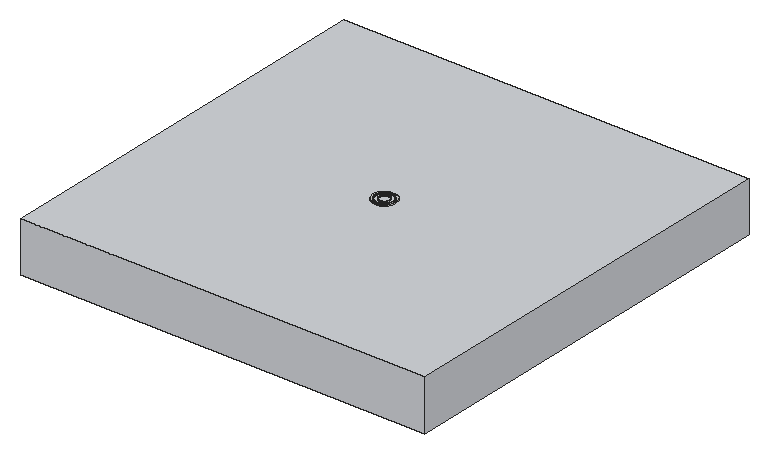
Revit family "LAMP_HANCE DOWNLIGHT RECESSED SPOT 1000_2000 (DALI)", category Modelos genéricos, Revit 2015
Parameters (values of type "710LM 4000K 1000 BLACK")
  Weight = 0.72 kg
  Aro 3000/4000 = no
  Aro 1000/2000 = yes
  Type = "COB PHILIPS"
  Tilting [instance] = if(Tilt < 0.00°, 180.00°, if(Tilt > 30.00°, 210.00°, Tilt + 180.00°))  # 180.00°
  Tilt [instance] = 0.00°
  Recessed diameter = 132 mm
  Protection rating = "IP20"
  Product datasheet = "http://www.lamp.es/product-files/TECH/HD1RE10SP840DBB-EN.pdf"
  Product code = "HD1RE10SP840DBB"
  Product URL = "https://www.lamp.es/en/family/hance-downlight_196363"
  Power Supply = "220-240V 50/60Hz"
  Power = 7 W
  Plum = 7.6 W
  Photometric web file = Cuerpo Hance BASE (tilting)_SP : 710LM 4000K 1000 BLACK
  Modelo = Product code  # "HD1RE10SP840DBB"
  Model explanation = "Availability of tilting between 0º and 30º when placed in a project."
  Material interior aro = LAMP_Aluminio Hance Negro
  Material aro = LAMP_Aluminio Hance Negro
  Manufacturer name = "LAMP"
  Manufacturer country = "Spain"
  Manufacturer URL = "http://www.lamp.es/en"
  MacAdam = "3"
  Luminaire type = "Indoor - Recessed downlight"
  Last update = "22/11/2019"
  Lamp = "COB LED"
  LED Lifetime = "50.000 L80 B10"
  Insulation class = "II"
  Installation instructions = "https://www.lamp.es/product-files/INS/1004410-B-INSTR.%20DE%20MONTAJE%20HANCE%20DOWNLIGHT.pdf"
  Initial intensity = 710 lm
  Initial color = 4000 K
  IEE = "A+"
  Gear = "Adjustable DALI"
  Finish = "Texturised black RAL 9011"
  Fabricante = Manufacturer name  # "LAMP"
  Default Elevation = 1219.2 mm
  Efficacy = 93.42 lm/W
  Radio aro exterior = 35.7 mm
  Diameter = 143 mm
  Descripción = "HANCE DOWN REC 1000 NW SP DALI BK."
  Decorative ring [instance] = Aro decorativo (tilting) : Black
  Comentarios de tipo = Model explanation  # "Availability of tilting between 0º and 30º when placed in a project."
  CRI = "80"
Types (8, lengths in mm): name | Product datasheet | Product code | Power | Plum | Photometric web file | Modelo | Material aro | Initial intensity | Initial color | IEE | Finish | Efficacy | Descripción
  710LM 4000K 1000 BLACK | "http://www.lamp.es/product-files/TECH/HD1RE10SP840DBB-EN.pdf" | "HD1RE10SP840DBB" | 7 W | 7.6 W | Cuerpo Hance BASE (tilting)_SP : 710LM 4000K 1000 BLACK | "HD1RE10SP840DBB" | LAMP_Aluminio Hance Negro | 710 lm | 4000 K | "A+" | "Texturised black RAL 9011" | 93.42 lm/W | "HANCE DOWN REC 1000 NW SP DALI BK."
  710LM 4000K 1000 WHITE | "http://www.lamp.es/product-files/TECH/HD1RE10SP840DBW-EN.pdf" | "HD1RE10SP840DBW" | 7 W | 7.6 W | Cuerpo Hance BASE (tilting)_SP : 710LM 4000K 1000 WHITE | "HD1RE10SP840DBW" | LAMP_Aluminio Hance Blanco | 710 lm | 4000 K | "A+" | "Texturised white RAL 9010" | 93.42 lm/W | "HANCE DOWN REC 1000 NW SP DALI WH."
  773LM 3000K 1000 BLACK | "http://www.lamp.es/product-files/TECH/HD1RE10SP830DBB-EN.pdf" | "HD1RE10SP830DBB" | 7 W | 7.7 W | Cuerpo Hance BASE (tilting)_SP : 773LM 3000K 1000 BLACK | "HD1RE10SP830DBB" | LAMP_Aluminio Hance Negro | 773 lm | 3000 K | "A+" | "Texturised black RAL 9011" | 100.42 lm/W | "HANCE DOWN REC 1000 WW SP DALI BK."
  773LM 3000K 1000 WHITE | "http://www.lamp.es/product-files/TECH/HD1RE10SP830DBW-EN.pdf" | "HD1RE10SP830DBW" | 7 W | 7.7 W | Cuerpo Hance BASE (tilting)_SP : 773LM 3000K 1000 WHITE | "HD1RE10SP830DBW" | LAMP_Aluminio Hance Blanco | 773 lm | 3000 K | "A+" | "Texturised white RAL 9010" | 100.42 lm/W | "HANCE DOWN REC 1000 WW SP DALI WH."
  1644LM 4000K 2000 BLACK | "http://www.lamp.es/product-files/TECH/HD1RE20SP840DBB-EN.pdf" | "HD1RE20SP840DBB" | 18 W | 20.6 W | Cuerpo Hance BASE (tilting)_SP : 1644LM 4000K 2000 BLACK | "HD1RE20SP840DBB" | LAMP_Aluminio Hance Negro | 1644 lm | 4000 K | "A+" | "Texturised black RAL 9011" | 79.81 lm/W | "HANCE DOWN REC 2000 NW SP DALI BK."
  1644LM 4000K 2000 WHITE | "http://www.lamp.es/product-files/TECH/HD1RE20SP840DBW-EN.pdf" | "HD1RE20SP840DBW" | 18 W | 20.6 W | Cuerpo Hance BASE (tilting)_SP : 1644LM 4000K 2000 WHITE | "HD1RE20SP840DBW" | LAMP_Aluminio Hance Blanco | 1644 lm | 4000 K | "A+" | "Texturised white RAL 9010" | 79.81 lm/W | "HANCE DOWN REC 2000 NW SP DALI WH."
  1707LM 3000K 2000 BLACK | "http://www.lamp.es/product-files/TECH/HD1RE20SP830DBB-EN.pdf" | "HD1RE20SP830DBB" | 18 W | 20.7 W | Cuerpo Hance BASE (tilting)_SP : 1707LM 3000K 2000 BLACK | "HD1RE20SP830DBB" | LAMP_Aluminio Hance Negro | 1707 lm | 3000 K | "A" | "Texturised black RAL 9011" | 82.46 lm/W | "HANCE DOWN REC 2000 WW SP DALI BK."
  1707LM 3000K 2000 WHITE | "http://www.lamp.es/product-files/TECH/HD1RE20SP830DBW-EN.pdf" | "HD1RE20SP830DBW" | 18 W | 20.7 W | Cuerpo Hance BASE (tilting)_SP : 1707LM 3000K 2000 WHITE | "HD1RE20SP830DBW" | LAMP_Aluminio Hance Blanco | 1707 lm | 3000 K | "A" | "Texturised white RAL 9010" | 82.46 lm/W | "HANCE DOWN REC 2000 WW SP DALI WH."
Reference planes
  plane 1 "Centro (Frontal/Posterior)": y = 0
  plane 2: z = 0
  plane 3 "Centro (Izquierda/Derecha)": x = 0
Forms (mm)
  Extrusion 1, solid
    sketch origin (0, 0, 0) x (1, 0, 0) y (0, 1, 0)
      loop
        line (-1219.2, 1219.2) -> (-1219.2, -1219.2) -> (1219.2, -1219.2) -> (1219.2, 1219.2) -> (-1219.2, 1219.2)
    from 0 to -304.8
  Revolve 2, solid, material "LAMP_Aluminio Hance Negro" <- "Material aro"
    sketch origin (0, 0, 0) x (1, 0, 0) y (0, 0, 1)
      loop
        line (68.2, 0) -> (68.2, 1) -> (53.3, 1) -> (53.3, -38.896) -> (61.3, -38.896) -> (61.3, -37.896) -> (55.8, -37.896) -> (55.8, 0) -> (68.2, 0)
      axis (0, 1) -> (0, -38.896)
    angle from 0 to 360
  Revolve 3, solid, material "LAMP_Aluminio Hance Negro" <- "Material interior aro", visible <- "Aro 1000/2000"
    sketch origin (0, 0, 0) x (1, 0, 0) y (0, 0, 1)
      loop
        arc (51.874, -0.646) -> (51.598, -1.016) -> (51.498, -1.466) r 1.1
        arc (51.498, -1.466) -> (49.354, -17.889) -> (43.277, -33.297) r 67.535
        arc (43.277, -33.297) -> (42.922, -33.665) -> (42.43, -33.8) r 0.965
        line (42.43, -33.8) -> (0, -33.8) -> (0, -34.8) -> (42.43, -34.8)
        arc (42.43, -34.8) -> (42.922, -34.665) -> (43.277, -34.297) r 0.965
        arc (43.277, -34.297) -> (49.354, -18.889) -> (51.498, -2.466) r 67.535
        arc (51.498, -2.466) -> (51.598, -2.016) -> (51.874, -1.646) r 1.1
        arc (51.874, -1.646) -> (53.912, -0.425) -> (56.25, 0) r 6.641
        line (56.25, 0) -> (56.25, 1)
        arc (56.25, 1) -> (53.912, 0.575) -> (51.874, -0.646) r 6.641
      axis (0, 1) -> (0, -34.8)
    angle from 0 to 360
  Extrusion 4, void
    sketch origin (0, 0, 0) x (1, 0, 0) y (0, 1, 0)
      loop
        line (7.1, 33.5) -> (-7.105, 33.5)
        arc (-7.105, 33.5) -> (-40.605, 0) -> (-7.105, -33.5) r 33.5
        line (-7.105, -33.5) -> (7.1, -33.5)
        arc (7.1, -33.5) -> (40.6, 0) -> (7.1, 33.5) r 33.5
    from -41.216 to -28.478
Cuts and joins
  Extrusion 4 cuts Revolve 3
Text (mm)
  text "Any modification of the parameters and properties of the LAMP BIM models must be executed and validated by the LAMP technical department.\n\nPhone: +34 93 736 68 00\n\nE-mail: lamp@lamp.es\n\n\n\nLAMP reserves the right to modify the technical specifications of its products." at (39771.841, -40794.867, 40621.237), in view "Preview"
Dimensions and locks
  "Radio aro exterior": Revolve 2 sketch curve to nested 1
  aligned and locked: plane 2 to Extrusion 1
  aligned and locked: level to Extrusion 1
Automatic sketch dimensions
  Extrusion 1 sketch curve to Extrusion 1 sketch curve = 2438.4 mm  (x2)
  Revolve 3 sketch curve to plane 3 "Centro (Izquierda/Derecha)" = 0 mm  (x2)
  Revolve 3 sketch curve to level = 0 mm
  Revolve 3 sketch curve to level = 1 mm
  Revolve 3 sketch curve to plane 3 "Centro (Izquierda/Derecha)" = 16.035 mm
  Revolve 3 sketch curve to Revolve 3 sketch curve = 0 mm  (x7)
  plane 3 "Centro (Izquierda/Derecha)" to Revolve 3 sketch curve = 42.43 mm
  Revolve 3 sketch curve to level = 2.474 mm
  Revolve 3 sketch curve to Revolve 3 sketch curve = 10.169 mm
  Revolve 3 sketch curve to Revolve 3 sketch curve = 3.651 mm
  Revolve 3 sketch curve to Revolve 3 sketch curve = 3.167 mm
  Revolve 3 sketch curve to Revolve 3 sketch curve = 1 mm  (x3)
  Revolve 3 sketch curve to Revolve 3 sketch curve = 26.195 mm
  Revolve 3 sketch curve to level = 33.8 mm
  Revolve 3 sketch curve to Revolve 3 sketch curve = 0.035 mm
  Revolve 3 sketch curve to Revolve 3 sketch curve = 0.965 mm
  Revolve 3 sketch curve to Revolve 3 sketch curve = 0.172 mm
  Revolve 3 sketch curve to Revolve 3 sketch curve = 574.8 mm
  Revolve 3 sketch curve to Revolve 3 sketch curve = 2608.058 mm
  plane 1 "Centro (Frontal/Posterior)" to Extrusion 4 sketch curve = 0 mm
  Extrusion 4 sketch curve to plane 3 "Centro (Izquierda/Derecha)" = 7.105 mm
  plane 3 "Centro (Izquierda/Derecha)" to Extrusion 4 sketch curve = 7.1 mm
  Extrusion 4 sketch curve to Extrusion 4 sketch curve = 33.5 mm
  Revolve 2 sketch curve to plane 3 "Centro (Izquierda/Derecha)" = 0 mm
  Revolve 2 sketch curve to level = 0 mm
  level to Revolve 2 sketch curve = 1 mm
  Revolve 2 sketch curve to Revolve 2 sketch curve = 14.9 mm
  Revolve 2 sketch curve to Revolve 2 sketch curve = 2.5 mm
  Revolve 2 sketch curve to Revolve 2 sketch curve = 5.5 mm
  Revolve 2 sketch curve to Revolve 2 sketch curve = 37.896 mm
  Revolve 2 sketch curve to Revolve 2 sketch curve = 1 mm
  Revolve 2 sketch curve to Revolve 2 sketch curve = 539.6 mm
  Revolve 2 sketch curve to Revolve 2 sketch curve = 2608.058 mm
Nested families
  nested 1: "Cuerpo Hance BASE (tilting)_SP" at (32.5, 1.967, 1), type <- "Photometric web file", type "710LM 4000K 1000 BLACK"
    with Tilting 180.00°
  nested 2: "Aro decorativo (tilting)" at (-27.9, 0, -89.982), type <- "Decorative ring", type "Black"
    with Tilting 0.00°
Connectors
  electrical at (-16.363, 0, -98)
    settings: on nested 1, index 1, voltage 230 V, apparent load 0 VA, apparent load phase1 0 VA, apparent load phase2 0 VA, apparent load phase3 0 VA, power factor 1, load classification "Otro", number of poles 1, system type 31, power factor state 1, is connector primary yes, connector utility no, sub classification motor no, connector description ""
Definition of nested family "Cuerpo Hance BASE (tilting)_SP"
  Parameters (values of type "710LM 4000K 1000 BLACK")
    Tilting = 90.00°
    Photometric web file = Cuerpo Hance BASE_SP : 710LM 4000K 1000 BLACK
    Longitud cuerpo = 100 mm
    Default Elevation = 1219.2 mm
  Types (17, lengths in mm): name | Photometric web file | Longitud cuerpo
    (no name) | Cuerpo Hance BASE_SP : 710LM 4000K 1000 BLACK | 100
    710LM 4000K 1000 BLACK | Cuerpo Hance BASE_SP : 710LM 4000K 1000 BLACK | 100
    710LM 4000K 1000 WHITE | Cuerpo Hance BASE_SP : 710LM 4000K 1000 WHITE | 100
    773LM 3000K 1000 BLACK | Cuerpo Hance BASE_SP : 773LM 3000K 1000 BLACK | 100
    773LM 3000K 1000 WHITE | Cuerpo Hance BASE_SP : 773LM 3000K 1000 WHITE | 100
    1644LM 4000K 2000 BLACK | Cuerpo Hance BASE_SP : 1644LM 4000K 2000 BLACK | 100
    1644LM 4000K 2000 WHITE | Cuerpo Hance BASE_SP : 1644LM 4000K 2000 WHITE | 100
    1707LM 3000K 2000 BLACK | Cuerpo Hance BASE_SP : 1707LM 3000K 2000 BLACK | 100
    1707LM 3000K 2000 WHITE | Cuerpo Hance BASE_SP : 1707LM 3000K 2000 WHITE | 100
    2656LM 4000K 3000 BLACK | Cuerpo Hance BASE_SP : 2656LM 4000K 3000 BLACK | 145
    2656LM 4000K 3000 WHITE | Cuerpo Hance BASE_SP : 2656LM 4000K 3000 WHITE | 145
    2788LM 3000K 3000 BLACK | Cuerpo Hance BASE_SP : 2788LM 3000K 3000 BLACK | 145
    2788LM 3000K 3000 WHITE | Cuerpo Hance BASE_SP : 2788LM 3000K 3000 WHITE | 145
    3518LM 4000K 4000 BLACK | Cuerpo Hance BASE_SP : 3518LM 4000K 4000 BLACK | 145
    3518LM 4000K 4000 WHITE | Cuerpo Hance BASE_SP : 3518LM 4000K 4000 WHITE | 145
    3660LM 3000K 4000 BLACK | Cuerpo Hance BASE_SP : 3660LM 3000K 4000 BLACK | 145
    3660LM 3000K 4000 WHITE | Cuerpo Hance BASE_SP : 3660LM 3000K 4000 WHITE | 145
  Reference planes
    plane 1 "Centro (Frontal/Posterior)": y = 0
    plane 2: z = 0
    plane 3 "Centro (Izquierda/Derecha)": x = 0
  Lines and regions (mm)
    reference lines
      curve 1: line (0, 0, 0) -> (200, 0, 0)
  Dimensions and locks
    "Tilting": angle plane 3 "Centro (Izquierda/Derecha)" to curve 1
    aligned and locked: level to plane 2
    aligned and locked: plane 3 "Centro (Izquierda/Derecha)" to curve 1
    aligned and locked: plane 2 to curve 1
    aligned and locked: plane 3 "Centro (Izquierda/Derecha)" to nested 1
  Nested families
    nested 1: "Cuerpo Hance BASE_SP" at (-58, -1.967, 27.875), type <- "Photometric web file", type "710LM 4000K 1000 BLACK"
  Definition of nested family "Cuerpo Hance BASE_SP"
    Parameters (values of type "710LM 4000K 1000 BLACK")
      Tilt Angle = 90.00° + Tilting  # 180.00°
      Wattage = 7.6 W
      Tilting = 90.00°
      built-in parameter 1150107 = 4000 (stored number, unit not read)
      Radio vacio posterior = Radio cuerpo - 2.2 mm  # 30.3 mm
      Radio vaciado = Radio cuerpo - 1.5 mm  # 31 mm
      Radio cuerpo = if(Longitud cuerpo = 145 mm, 45 mm, 32.5 mm)  # 32.5 mm
      built-in parameter 1150110 = 1 (stored number, unit not read)
      built-in parameter 1150109 = 1 (stored number, unit not read)
      built-in parameter 1150112 = 1 (stored number, unit not read)
      built-in parameter 1150113 = 1 (stored number, unit not read)
      built-in parameter 1114218 = 1 (stored number, unit not read)
      built-in parameter 1150137 = (empty or 0)
      built-in parameter 1150132 = 2
      Material reflector = none
      Material cuerpo = none
      Material COB = none
      Longitud cuerpo = 100 mm
      Long. origen luz = if(Longitud cuerpo = 100 mm, 20 mm, if(Longitud cuerpo = 170 mm, 55 mm, 90 mm))  # 20 mm
      L_3 = if(Ancho disipador posterior = 80.4 mm, 39.6 mm, 12 mm)  # 12 mm
      L_2 = if(Ancho disipador posterior = 80.4 mm, 36.3 mm, 22.6 mm)  # 22.6 mm
      L_1 = if(Ancho disipador posterior = 80.4 mm, 36.8 mm, 25.4 mm)  # 25.4 mm
      built-in parameter 1150105 = 56.487 (stored number, unit not read)
      built-in parameter 1150102 = (empty or 0)
      built-in parameter 1150106 = 0.56487 (stored number, unit not read)
      Lumens = 709.84 lm
      Color Filter = 16777215
      built-in parameter 1114217 = 1 (stored number, unit not read)
      built-in parameter 1150139 = (empty or 0)
      Default Elevation = 1219.2 mm
      built-in parameter 1150104 = 8.6771 (stored number, unit not read)
      Diametro aro = if(Radio cuerpo = 45 mm, 42.9 mm, 30.4 mm)  # 30.4 mm
      built-in parameter 1150115 = 1 (stored number, unit not read)
      built-in parameter 1150114 = 1 (stored number, unit not read)
      built-in parameter 1150138 = (empty or 0)
      built-in parameter 1150134 = 12
      Dimming Lamp Color Temperature Shift = (empty or 0)
      Photometric Web File = "HD1RE10SP840NBB.IES"
      Ancho vaciado reflector = if(Radio cuerpo = 45 mm, 34.4 mm, 21.9 mm)  # 21.9 mm
      Ancho reflector = if(Radio cuerpo = 45 mm, 35.4 mm, 22.9 mm)  # 22.9 mm
      Ancho disipador posterior = if(Radio cuerpo = 32.5 mm, 53 mm, 80.4 mm)  # 53 mm
      built-in parameter 1150133 = 10 (stored number, unit not read)
      Altura disipador superior = if(Radio cuerpo = 45 mm, 23.9 mm, 36.9 mm)  # 36.9 mm
      Ancho disipador superior = if(Radio cuerpo = 45 mm, 28 mm, 22.6 mm)  # 22.6 mm
    Types (16, lengths in mm): name | Wattage | built-in parameter 1150107 | Radio vacio posterior | Radio vaciado | Radio cuerpo | Longitud cuerpo | Long. origen luz | L_3 | L_2 | L_1 | built-in parameter 1150105 | built-in parameter 1150106 | Lumens | built-in parameter 1150104 | Diametro aro | built-in parameter 1150134 | Photometric Web File | Ancho vaciado reflector | Ancho reflector | Ancho disipador posterior | Altura disipador superior | Ancho disipador superior
      710LM 4000K 1000 BLACK | 7.6 W | 4000 (stored number, unit not read) | 30.3 | 31 | 32.5 | 100 | 20 | 12 | 22.6 | 25.4 | 56.487 (stored number, unit not read) | 0.56487 (stored number, unit not read) | 709.84 lm | 8.6771 (stored number, unit not read) | 30.4 | 12 | "HD1RE10SP840NBB.IES" | 21.9 | 22.9 | 53 | 36.9 | 22.6
      710LM 4000K 1000 WHITE | 7.6 W | 4000 (stored number, unit not read) | 30.3 | 31 | 32.5 | 100 | 20 | 12 | 22.6 | 25.4 | 4052.9 (stored number, unit not read) | 40.529 (stored number, unit not read) | 709.84 lm | 8.6771 (stored number, unit not read) | 30.4 | 12 | "HD1RE10SP840NBW.IES" | 21.9 | 22.9 | 53 | 36.9 | 22.6
      773LM 3000K 1000 BLACK | 7.7 W | 3000 (stored number, unit not read) | 30.3 | 31 | 32.5 | 100 | 20 | 12 | 22.6 | 25.4 | 4414.8 (stored number, unit not read) | 44.148 (stored number, unit not read) | 773.234 lm | 9.3293 (stored number, unit not read) | 30.4 | (empty or 0) | "HD1RE10SP830NBB.IES" | 21.9 | 22.9 | 53 | 36.9 | 22.6
      773LM 3000K 1000 WHITE | 7.7 W | 3000 (stored number, unit not read) | 30.3 | 31 | 32.5 | 100 | 20 | 12 | 22.6 | 25.4 | 4414.8 (stored number, unit not read) | 44.148 (stored number, unit not read) | 773.234 lm | 9.3293 (stored number, unit not read) | 30.4 | (empty or 0) | "HD1RE10SP830NBW.IES" | 21.9 | 22.9 | 53 | 36.9 | 22.6
      1644LM 4000K 2000 BLACK | 20.6 W | 4000 (stored number, unit not read) | 30.3 | 31 | 32.5 | 100 | 20 | 12 | 22.6 | 25.4 | 9386.9 (stored number, unit not read) | 93.869 (stored number, unit not read) | 1644.09 lm | 7.4146 (stored number, unit not read) | 30.4 | 12 | "HD1RE20SP840NBB.IES" | 21.9 | 22.9 | 53 | 36.9 | 22.6
      1644LM 4000K 2000 WHITE | 20.6 W | 4000 (stored number, unit not read) | 30.3 | 31 | 32.5 | 100 | 20 | 12 | 22.6 | 25.4 | 9386.9 (stored number, unit not read) | 93.869 (stored number, unit not read) | 1644.09 lm | 7.4146 (stored number, unit not read) | 30.4 | 12 | "HD1RE20SP840NBW.IES" | 21.9 | 22.9 | 53 | 36.9 | 22.6
      1707LM 3000K 2000 BLACK | 20.7 W | 3000 (stored number, unit not read) | 30.3 | 31 | 32.5 | 100 | 20 | 12 | 22.6 | 25.4 | 9500.4 (stored number, unit not read) | 95.004 (stored number, unit not read) | 1706.92 lm | 7.6608 (stored number, unit not read) | 30.4 | (empty or 0) | "HD1RE20SP830NBB.IES" | 21.9 | 22.9 | 53 | 36.9 | 22.6
      1707LM 3000K 2000 WHITE | 20.7 W | 3000 (stored number, unit not read) | 30.3 | 31 | 32.5 | 100 | 20 | 12 | 22.6 | 25.4 | 9500.4 (stored number, unit not read) | 95.004 (stored number, unit not read) | 1706.92 lm | 7.6608 (stored number, unit not read) | 30.4 | (empty or 0) | "HD1RE20SP830NBW.IES" | 21.9 | 22.9 | 53 | 36.9 | 22.6
      2656LM 4000K 3000 BLACK | 27.8 W | 4000 (stored number, unit not read) | 42.8 | 43.5 | 45 | 145 | 90 | 39.6 | 36.3 | 36.8 | 21509.2 (stored number, unit not read) | 215.09 (stored number, unit not read) | 2656.01 lm | 8.876 (stored number, unit not read) | 42.9 | 12 | "HD1RE30SP840NBB.IES" | 34.4 | 35.4 | 80.4 | 23.9 | 28
      2656LM 4000K 3000 WHITE | 27.8 W | 4000 (stored number, unit not read) | 42.8 | 43.5 | 45 | 145 | 90 | 39.6 | 36.3 | 36.8 | 21509.2 (stored number, unit not read) | 215.09 (stored number, unit not read) | 2656.01 lm | 8.876 (stored number, unit not read) | 42.9 | 12 | "HD1RE30SP840NBW.IES" | 34.4 | 35.4 | 80.4 | 23.9 | 28
      2788LM 3000K 3000 BLACK | 28.2 W | 3000 (stored number, unit not read) | 42.8 | 43.5 | 45 | 145 | 90 | 39.6 | 36.3 | 36.8 | 22576.9 (stored number, unit not read) | 225.77 (stored number, unit not read) | 2787.85 lm | 9.1844 (stored number, unit not read) | 42.9 | (empty or 0) | "HD1RE30SP830NBB.IES" | 34.4 | 35.4 | 80.4 | 23.9 | 28
      2788LM 3000K 3000 WHITE | 28.2 W | 3000 (stored number, unit not read) | 42.8 | 43.5 | 45 | 145 | 90 | 39.6 | 36.3 | 36.8 | 22576.9 (stored number, unit not read) | 225.77 (stored number, unit not read) | 2787.85 lm | 9.1844 (stored number, unit not read) | 42.9 | (empty or 0) | "HD1RE30SP830NBW.IES" | 34.4 | 35.4 | 80.4 | 23.9 | 28
      3518LM 4000K 4000 BLACK | 37.6 W | 4000 (stored number, unit not read) | 42.8 | 43.5 | 45 | 145 | 90 | 39.6 | 36.3 | 36.8 | 28485.6 (stored number, unit not read) | 284.86 (stored number, unit not read) | 3517.48 lm | 8.6911 (stored number, unit not read) | 42.9 | 12 | "HD1RE40SP830NBB.IES" | 34.4 | 35.4 | 80.4 | 23.9 | 28
      3518LM 4000K 4000 WHITE | 37.6 W | 4000 (stored number, unit not read) | 42.8 | 43.5 | 45 | 145 | 90 | 39.6 | 36.3 | 36.8 | 28485.6 (stored number, unit not read) | 284.86 (stored number, unit not read) | 3517.48 lm | 8.6911 (stored number, unit not read) | 42.9 | 12 | "HD1RE40SP830NBW.IES" | 34.4 | 35.4 | 80.4 | 23.9 | 28
      3660LM 3000K 4000 BLACK | 37.6 W | 3000 (stored number, unit not read) | 42.8 | 43.5 | 45 | 145 | 90 | 39.6 | 36.3 | 36.8 | 24069.5 (stored number, unit not read) | 240.7 (stored number, unit not read) | 3659.98 lm | 9.0432 (stored number, unit not read) | 42.9 | (empty or 0) | "HD1RE40SP840NBB.IES" | 34.4 | 35.4 | 80.4 | 23.9 | 28
      3660LM 3000K 4000 WHITE | 37.6 W | 3000 (stored number, unit not read) | 42.8 | 43.5 | 45 | 145 | 90 | 39.6 | 36.3 | 36.8 | 24069.5 (stored number, unit not read) | 240.7 (stored number, unit not read) | 3659.98 lm | 9.0432 (stored number, unit not read) | 42.9 | (empty or 0) | "HD1RE40SP840NBW.IES" | 34.4 | 35.4 | 80.4 | 23.9 | 28
    Reference planes
      plane 1 "Centro (Frontal/Posterior)": y = 0
      plane 2: z = 0
      plane 3 "Centro (Izquierda/Derecha)": x = 0
    Forms (mm)
      Extrusion 1, solid, material <- "Material cuerpo"
        sketch origin (0, 0, 0) x (0, -1, 0) y (0, 0, 1)
          loop
            circle (0, -27.875) r 32.5
        from -58 to 42
      Extrusion 2, void
        sketch origin (0, 0, 0) x (0, 1, 0) y (0, 0, 1)
          loop
            line (11.3, 30) -> (-11.3, 30) -> (-11.3, -6.9)
            arc (-11.3, -6.9) -> (0, -7.855) -> (11.3, -6.9) r 67.349
            line (11.3, -6.9) -> (11.3, 30)
        from -42 to 9.4
      Extrusion 3, void
        sketch origin (0, 0, 0) x (0, 1, 0) y (0, 0, 1)
          loop
            circle (0, -27.875) r 30.3
        from -42 to -41
      Extrusion 4, void
        sketch origin (0, 0, 0) x (0, 1, 0) y (0, 0, 1)
          loop
            line (26.5, -26.291) -> (-26.5, -26.291)
            arc (-26.5, -26.291) -> (-27.7, -27.491) -> (-26.5, -28.691) r 1.2
            line (-26.5, -28.691) -> (26.5, -28.691)
            arc (26.5, -28.691) -> (27.7, -27.491) -> (26.5, -26.291) r 1.2
          loop
            line (26.115, -30.891) -> (-26.115, -30.891)
            arc (-26.115, -30.891) -> (-27.315, -32.091) -> (-26.115, -33.291) r 1.2
            line (-26.115, -33.291) -> (26.115, -33.291)
            arc (26.115, -33.291) -> (27.315, -32.091) -> (26.115, -30.891) r 1.2
          loop
            line (25.4, -35.55) -> (-24.915, -35.55)
            arc (-24.915, -35.55) -> (-26.115, -36.75) -> (-24.915, -37.95) r 1.2
            line (-24.915, -37.95) -> (25.4, -37.95)
            arc (25.4, -37.95) -> (26.6, -36.75) -> (25.4, -35.55) r 1.2
          loop
            line (22.6, -40.091) -> (-22.64, -40.091)
            arc (-22.64, -40.091) -> (-23.84, -41.291) -> (-22.64, -42.491) r 1.2
            line (-22.64, -42.491) -> (22.6, -42.491)
            arc (22.6, -42.491) -> (23.8, -41.291) -> (22.6, -40.091) r 1.2
          loop
            line (19.043, -44.691) -> (-19.086, -44.691)
            arc (-19.086, -44.691) -> (-20.286, -45.891) -> (-19.086, -47.091) r 1.2
            line (-19.086, -47.091) -> (19.043, -47.091)
            arc (19.043, -47.091) -> (20.243, -45.891) -> (19.043, -44.691) r 1.2
          loop
            line (15.357, -49.291) -> (-15.5, -49.291)
            arc (-15.5, -49.291) -> (-16.6, -50.391) -> (-15.5, -51.491) r 1.1
            line (-15.5, -51.491) -> (15.357, -51.491)
            arc (15.357, -51.491) -> (16.457, -50.391) -> (15.357, -49.291) r 1.1
          loop
            line (6, -53.691) -> (-6, -53.691)
            arc (-6, -53.691) -> (-7.1, -54.791) -> (-6, -55.891) r 1.1
            line (-6, -55.891) -> (6, -55.891)
            arc (6, -55.891) -> (7.1, -54.791) -> (6, -53.691) r 1.1
        from -42 to -38.7
      Extrusion 5, void
        sketch origin (0, 0, 0) x (-1, 0, 0) y (0, -1, 0)
          loop
            line (37.7, -9.12) -> (37.7, 9.12)
            arc (37.7, 9.12) -> (36.6, 10.22) -> (35.5, 9.12) r 1.1
            line (35.5, 9.12) -> (35.5, -9.12)
            arc (35.5, -9.12) -> (36.6, -10.22) -> (37.7, -9.12) r 1.1
          loop
            line (28.9, -9.12) -> (28.9, 9.12)
            arc (28.9, 9.12) -> (27.8, 10.22) -> (26.7, 9.12) r 1.1
            line (26.7, 9.12) -> (26.7, -9.12)
            arc (26.7, -9.12) -> (27.8, -10.22) -> (28.9, -9.12) r 1.1
          loop
            line (20.1, -9.12) -> (20.1, 9.12)
            arc (20.1, 9.12) -> (19, 10.22) -> (17.9, 9.12) r 1.1
            line (17.9, 9.12) -> (17.9, -9.12)
            arc (17.9, -9.12) -> (19, -10.22) -> (20.1, -9.12) r 1.1
        from -51.491 to 30
      Extrusion 6, void
        sketch origin (0, 0, 0) x (-1, 0, 0) y (0, -1, 0)
          loop
            line (33.3, -9.12) -> (33.3, 9.12)
            arc (33.3, 9.12) -> (32.2, 10.22) -> (31.1, 9.12) r 1.1
            line (31.1, 9.12) -> (31.1, -9.12)
            arc (31.1, -9.12) -> (32.2, -10.22) -> (33.3, -9.12) r 1.1
          loop
            line (24.5, -9.12) -> (24.5, 9.12)
            arc (24.5, 9.12) -> (23.4, 10.22) -> (22.3, 9.12) r 1.1
            line (22.3, 9.12) -> (22.3, -9.12)
            arc (22.3, -9.12) -> (23.4, -10.22) -> (24.5, -9.12) r 1.1
        from -8.232 to 30
      Extrusion 7, void
        sketch origin (0, 0, 0) x (0, 1, 0) y (0, 0, 1)
          loop
            circle (0, -27.875) r 31
        from 17.213 to 58
      Revolve 8, solid, material <- "Material reflector"
        sketch origin (0, 0, 0) x (1, 0, 0) y (0, 0, 1)
          loop
            line (25.5, -27.875) -> (45.818, -27.875) -> (45.818, -4.975) -> (25.5, -19.875) -> (25.5, -27.875)
          axis (25.5, -27.875) -> (45.818, -27.875)
        angle from 0 to 360
      Revolve 9, void
        sketch origin (0, 0, 0) x (1, 0, 0) y (0, 0, 1)
          loop
            line (45.818, -5.975) -> (26.5, -20.142) -> (25.5, -20.142) -> (25.5, -27.875) -> (26.5, -27.875) -> (45.818, -27.875) -> (45.818, -5.975)
          axis (45.818, -27.875) -> (25.5, -27.875)
        angle from 0 to 360
      Extrusion 10, solid, material <- "Material COB"
        sketch origin (0, 0, 0) x (0, -1, 0) y (0, 0, 1)
          loop
            circle (0, -27.875) r 7.733
        from -26.5 to -25.5
    Cuts and joins
      Extrusion 2, Extrusion 3, Extrusion 4, Extrusion 5, Extrusion 6, Extrusion 7 cuts Extrusion 1
      Revolve 9 cuts Revolve 8
    Lines and regions (mm)
      reference lines
        curve 1: line (0, 0, 0) -> (178.042, 0, 0)
        curve 2: line (93, 0, -27.875) -> (113, 0, -27.875)
        curve 3: line (0, 0, 0) -> (0, 0, -75)
        curve 4: line (93, 0, -22.875) -> (93, 0, -32.875)
    Text (mm)
      text "Any modification of the parameters and properties of the LAMP BIM models must be executed and validated by the LAMP technical department.\n\nPhone: +34 93 736 68 00\n\nE-mail: lamp@lamp.es\n\n\n\nLAMP reserves the right to modify the technical specifications of its products." at (97482.136, -81600.41, 57308.082), in view "Preview"
    Dimensions and locks
      locked: Revolve 9 sketch curve to cut or joined group of Extrusion 1, Extrusion 2, Extrusion 3, Extrusion 4, Extrusion 5, Extrusion 6, Extrusion 7 at 12.182
      "Longitud cuerpo": cut or joined group of Extrusion 1, Extrusion 2, Extrusion 3, Extrusion 4, Extrusion 5, Extrusion 6, Extrusion 7 to cut or joined group of Extrusion 1, Extrusion 2, Extrusion 3, Extrusion 4, Extrusion 5, Extrusion 6, Extrusion 7
      locked: cut or joined group of Extrusion 1, Extrusion 2, Extrusion 3, Extrusion 4, Extrusion 5, Extrusion 6, Extrusion 7 to curve 3 at 42
      locked: cut or joined group of Revolve 8, Revolve 9 to cut or joined group of Extrusion 1, Extrusion 2, Extrusion 3, Extrusion 4, Extrusion 5, Extrusion 6, Extrusion 7 at 12.182
      locked: cut or joined group of Revolve 8, Revolve 9 to cut or joined group of Revolve 8, Revolve 9 at 20.318
      locked: cut or joined group of Extrusion 1, Extrusion 2, Extrusion 3, Extrusion 4, Extrusion 5, Extrusion 6, Extrusion 7 to Extrusion 10 at 31.5
      locked: Extrusion 10 to Extrusion 10 at 1
      "Long. origen luz": curve 4 to curve 2
      equal spacing: Extrusion 4 sketch curve, plane 1 "Centro (Frontal/Posterior)", Extrusion 4 sketch curve  (x2)
      "Ancho disipador posterior": Extrusion 4 sketch curve to Extrusion 4 sketch curve
      "L_1": Extrusion 4 sketch curve to plane 1 "Centro (Frontal/Posterior)"
      "L_2": Extrusion 4 sketch curve to curve 3
      "L_3": Extrusion 4 sketch curve to Extrusion 4 sketch curve
      equal spacing: Extrusion 2 sketch curve, plane 1 "Centro (Frontal/Posterior)", Extrusion 2 sketch curve
      "Ancho disipador superior": Extrusion 2 sketch curve to Extrusion 2 sketch curve
      "Altura disipador superior": Extrusion 2 sketch curve to Extrusion 2 sketch curve
      locked: plane 2 to Extrusion 2 sketch curve at 30
      "Ancho reflector": Revolve 8 sketch curve to imposter light
      "Ancho vaciado reflector": Revolve 9 sketch curve to imposter light
      "Radio cuerpo": radius of Extrusion 1 sketch curve
      "Radio vaciado": radius of Extrusion 7 sketch curve
      "Radio vacio posterior": radius of Extrusion 3 sketch curve
      "Tilting": angle plane 3 "Centro (Izquierda/Derecha)" to curve 1
      aligned and locked: level to plane 2
      aligned and locked: imposter light to curve 2  (x2)
      aligned and locked: cut or joined group of Extrusion 1, Extrusion 2, Extrusion 3, Extrusion 4, Extrusion 5, Extrusion 6, Extrusion 7 to cut or joined group of Extrusion 1, Extrusion 2, Extrusion 3, Extrusion 4, Extrusion 5, Extrusion 6, Extrusion 7
    Automatic sketch dimensions
      curve 1 to Extrusion 5 sketch curve = 17.9 mm
      Extrusion 5 sketch curve to Extrusion 5 sketch curve = 1.1 mm  (x3)
      Extrusion 5 sketch curve to Extrusion 5 sketch curve = 6.6 mm  (x2)
      Extrusion 5 sketch curve to curve 1 = 9.12 mm  (x2)
      Extrusion 5 sketch curve to Extrusion 5 sketch curve = 0 mm  (x3)
      curve 1 to Extrusion 5 sketch curve = 9.12 mm
      curve 1 to Extrusion 6 sketch curve = 22.3 mm
      Extrusion 6 sketch curve to Extrusion 6 sketch curve = 1.1 mm  (x2)
      Extrusion 6 sketch curve to Extrusion 6 sketch curve = 6.6 mm
      Extrusion 6 sketch curve to curve 1 = 9.12 mm
      Extrusion 6 sketch curve to Extrusion 6 sketch curve = 0 mm  (x2)
      curve 1 to Extrusion 6 sketch curve = 9.12 mm
      Extrusion 10 sketch curve to plane 1 "Centro (Frontal/Posterior)" = 0 mm
      Extrusion 1 sketch curve to plane 1 "Centro (Frontal/Posterior)" = 0 mm
      Extrusion 1 sketch curve to level = 27.875 mm
      Extrusion 2 sketch curve to plane 1 "Centro (Frontal/Posterior)" = 0 mm
      Extrusion 2 sketch curve to Extrusion 2 sketch curve = 29.494 mm
      Extrusion 3 sketch curve to plane 1 "Centro (Frontal/Posterior)" = 0 mm
      Extrusion 3 sketch curve to level = 27.875 mm
      Extrusion 4 sketch curve to Extrusion 4 sketch curve = 0.385 mm  (x2)
      Extrusion 4 sketch curve to Extrusion 4 sketch curve = 1.2 mm  (x6)
      Extrusion 4 sketch curve to Extrusion 4 sketch curve = 2.276 mm
      Extrusion 4 sketch curve to Extrusion 4 sketch curve = 3.554 mm
      Extrusion 4 sketch curve to Extrusion 4 sketch curve = 3.586 mm
      Extrusion 4 sketch curve to Extrusion 4 sketch curve = 9.357 mm
      Extrusion 4 sketch curve to Extrusion 4 sketch curve = 3.557 mm
      Extrusion 4 sketch curve to level = 55.891 mm
      Extrusion 4 sketch curve to Extrusion 4 sketch curve = 1.1 mm  (x2)
      Extrusion 4 sketch curve to Extrusion 4 sketch curve = 2.2 mm  (x4)
      Extrusion 4 sketch curve to Extrusion 4 sketch curve = 2.141 mm
      Extrusion 4 sketch curve to Extrusion 4 sketch curve = 2.259 mm
      Extrusion 7 sketch curve to plane 1 "Centro (Frontal/Posterior)" = 0 mm
      Extrusion 7 sketch curve to level = 27.875 mm
      curve 1 to Revolve 8 sketch curve = 25.5 mm
      Revolve 8 sketch curve to Revolve 8 sketch curve = 20.318 mm
      curve 1 to Revolve 8 sketch curve = 19.875 mm
      Revolve 8 sketch curve to Revolve 8 sketch curve = 8 mm
      Revolve 8 sketch curve to Revolve 8 sketch curve = 0 mm  (x2)
      Revolve 8 sketch curve to Revolve 8 sketch curve = 9.682 mm
      Revolve 9 sketch curve to Revolve 9 sketch curve = 19.318 mm
      Revolve 9 sketch curve to Revolve 9 sketch curve = 0 mm  (x3)
      Revolve 9 sketch curve to Revolve 9 sketch curve = 1 mm
      curve 1 to Revolve 9 sketch curve = 20.142 mm
      Revolve 9 sketch curve to Revolve 9 sketch curve = 7.733 mm
      Revolve 9 sketch curve to Revolve 9 sketch curve = 9.682 mm
      curve 1 to level = 0 mm
      curve 1 to plane 3 "Centro (Izquierda/Derecha)" = 0 mm
      curve 3 to curve 1 = 0 mm  (x2)
      curve 3 to curve 1 = 75 mm
      curve 1 to curve 4 = 32.875 mm
      curve 4 to curve 1 = 85.042 mm
      curve 4 to curve 2 = 5 mm
      curve 2 to curve 4 = 5 mm
      radius of Extrusion 10 sketch curve = 7.733 mm
Definition of nested family "Aro decorativo (tilting)"
  Parameters (values of type "Copper")
    Weight (3000/4000) = 0.016 kg
    Weight (1000/2000) = 0.01 kg
    Tilting = 90.00°
    Product datasheet = ""
    Product code (3000/4000) = "HSRI90C"
    Product code (1000/2000) = "HSRI65C"
    Product URL = ""
    Model = ""
    Material aro = none
    Manufacturer name = "LAMP"
    Manufacturer country = "Spain"
    Manufacturer URL = "http://www.lamp.es/en"
    Longitud = 63.6 mm
    Last update = "21/05/2018"
    Installation instructions = ""
    Finish = "Metalized matt copper"
    Manufacturer = Manufacturer name  # "LAMP"
    Default Elevation = 1219.2 mm
    Diameter (3000/4000) = 90 mm
    Diameter (1000/2000) = 65 mm
    Description = ""
    Accessory Type = "Optic"
    3000/4000 Model = "HSRI90C"
    3000/4000 Description = "HANCE 3000/4000 ACC. RING DECO CO."
    1000/2000 Model = "HSRI65C"
    1000/2000 Description = "HANCE 1000/2000 ACC. RING DECO CO."
  Types (5, lengths in mm): name | Product code (3000/4000) | Product code (1000/2000) | Finish | 3000/4000 Model | 3000/4000 Description | 1000/2000 Model | 1000/2000 Description
    (no name) | "HSRI90C" | "HSRI65C" | "Metalized matt copper" | "HSRI90C" | "HANCE 3000/4000 ACC. RING DECO CO." | "HSRI65C" | "HANCE 1000/2000 ACC. RING DECO CO."
    Black | "HSRI90B" | "HSRI65B" | "Matt black" | "HSRI90B" | "HANCE 3000/4000 ACC. RING DECO BK." | "HSRI65B" | "HANCE 1000/2000 ACC. RING DECO BK."
    Copper | "HSRI90C" | "HSRI65C" | "Metalized matt copper" | "HSRI90C" | "HANCE 3000/4000 ACC. RING DECO CO." | "HSRI65C" | "HANCE 1000/2000 ACC. RING DECO CO."
    Grey | "HSRI90M" | "HSRI65M" | "Metalized matt silver" | "HSRI90M" | "HANCE 3000/4000 ACC. RING DECO MET." | "HSRI65M" | "HANCE 1000/2000 ACC. RING DECO MET."
    White | "HSRI90W" | "HSRI65W" | "Matt White" | "HSRI90W" | "HANCE 3000/4000 ACC. RING DECO WH." | "HSRI65W" | "HANCE 1000/2000 ACC. RING DECO WH."
  Reference planes
    plane 1 "Centro (Frontal/Posterior)": y = 0
    plane 2: z = 0
    plane 3 "Centro (Izquierda/Derecha)": x = 0
  Lines and regions (mm)
    reference lines
      curve 1: line (0, 0, 0) -> (0, 0, -27.9)
      curve 2: line (0, 0, -27.9) -> (80.8, 0, -27.9)
  Text (mm)
    text "Any modification of the parameters and properties of the LAMP BIM models must be executed and validated by the LAMP technical department.\n\nPhone: +34 93 736 68 00\n\nE-mail: lamp@lamp.es\n\n\n\nLAMP reserves the right to modify the technical specifications of its products." at (86527.204, -96597.187, 50741.736), in view "Preview"
  Dimensions and locks
    "Tilting": angle curve 1 to plane 2
    aligned and locked: level to plane 2
    aligned and locked: plane 3 "Centro (Izquierda/Derecha)" to curve 1
    aligned and locked: plane 2 to curve 1
  Automatic sketch dimensions
    curve 2 to curve 1 = 0 mm
    curve 1 to curve 2 = 0 mm
    curve 1 to curve 2 = 80.8 mm
  Nested families
    nested 1: "Aro decorativo" at (17.2, 0, 0), type "Copper"
  Definition of nested family "Aro decorativo"
    Parameters (values of type "Copper")
      Weight (3000/4000) = 0.016 kg
      Weight (1000/2000) = 0.01 kg
      Product datasheet = ""
      Product code (3000/4000) = "HSRI90C"
      Product code (1000/2000) = "HSRI65C"
      Product URL = ""
      Model = ""
      Material aro = none
      Manufacturer name = "LAMP"
      Manufacturer country = "Spain"
      Manufacturer URL = "http://www.lamp.es/en"
      Longitud = 63.6 mm
      Last update = "21/05/2018"
      Installation instructions = ""
      Finish = "Metalized matt copper"
      Manufacturer = Manufacturer name  # "LAMP"
      Default Elevation = 1219.2 mm
      Diametro vaciado aro interior = if(Diametro aro interior = 35.4 mm, 34.4 mm, 21.9 mm)  # 21.9 mm
      Diametro vaciado aro exterior = if(Diametro aro exterior = 42.9 mm, 41.9 mm, 29.4 mm)  # 29.4 mm
      Diametro aro interior = if(Diametro aro exterior = 42.9 mm, 35.4 mm, 22.9 mm)  # 22.9 mm
      Diametro aro exterior = if(Longitud = 138.6 mm, 42.9 mm, 30.4 mm)  # 30.4 mm
      Diameter (3000/4000) = 90 mm
      Diameter (1000/2000) = 65 mm
      Description = ""
      Accessory Type = "Optic"
      3000/4000 Model = "HSRI90C"
      3000/4000 Description = "HANCE 3000/4000 ACC. RING DECO CO."
      1000/2000 Description = "HANCE 1000/2000 ACC. RING DECO CO."
      1000/2000 Model = "HSRI65C"
    Types (5, lengths in mm): name | Product code (3000/4000) | Product code (1000/2000) | Finish | 3000/4000 Model | 3000/4000 Description | 1000/2000 Description | 1000/2000 Model
      (no name) | "HSRI90C" | "HSRI65C" | "Metalized matt copper" | "HSRI90C" | "HANCE 3000/4000 ACC. RING DECO CO." | "HANCE 1000/2000 ACC. RING DECO CO." | "HSRI65C"
      Black | "HSRI90B" | "HSRI65B" | "Matt black" | "HSRI90B" | "HANCE 3000/4000 ACC. RING DECO BK." | "HANCE 1000/2000 ACC. RING DECO BK." | "HSRI65B"
      Copper | "HSRI90C" | "HSRI65C" | "Metalized matt copper" | "HSRI90C" | "HANCE 3000/4000 ACC. RING DECO CO." | "HANCE 1000/2000 ACC. RING DECO CO." | "HSRI65C"
      Grey | "HSRI90M" | "HSRI65M" | "Metalized matt silver" | "HSRI90M" | "HANCE 3000/4000 ACC. RING DECO MET." | "HANCE 1000/2000 ACC. RING DECO MET." | "HSRI65M"
      White | "HSRI90W" | "HSRI65W" | "Matt white" | "HSRI90W" | "HANCE 3000/4000 ACC. RING DECO WH." | "HANCE 1000/2000 ACC. RING DECO WH." | "HSRI65W"
    Reference planes
      plane 1 "Centro (Frontal/Posterior)": y = 0
      plane 2: z = 0
      plane 3 "Centro (Izquierda/Derecha)": x = 0
    Forms (mm)
      Revolve 1, solid, material <- "Material aro"
        sketch origin (0, 0, -27.9) x (1, 0, 0) y (0, 0, 1)
          loop
            line (63.6, 0) -> (73.782, 0) -> (73.782, 30.4) -> (63.6, 22.9) -> (63.6, 0)
          axis (73.782, 0) -> (63.6, 0)
        angle from 0 to 360
      Revolve 2, void
        sketch origin (0, 0, -27.9) x (1, 0, 0) y (0, 0, 1)
          loop
            line (73.782, 29.4) -> (63.6, 21.9) -> (63.6, 0) -> (73.782, 0) -> (73.782, 29.4)
          axis (63.6, 0) -> (73.782, 0)
        angle from 0 to 360
    Cuts and joins
      Revolve 2 cuts Revolve 1
    Lines and regions (mm)
      reference lines
        curve 1: line (0, 0, -27.9) -> (63.6, 0, -27.9)
    Text (mm)
      text "Any modification of the parameters and properties of the LAMP BIM models must be executed and validated by the LAMP technical department.\n\nPhone: +34 93 736 68 00\n\nE-mail: lamp@lamp.es\n\n\n\nLAMP reserves the right to modify the technical specifications of its products." at (91886.357, -93022.329, 47898.266), in view "Preview"
    Dimensions and locks
      "Diametro aro exterior": Revolve 1 sketch curve to Revolve 1 sketch curve
      "Diametro vaciado aro exterior": Revolve 2 sketch curve to Revolve 2 sketch curve
      "Longitud": curve 1 to plane 3 "Centro (Izquierda/Derecha)"
      "Diametro aro interior": Revolve 1 sketch curve to Revolve 1 sketch curve
      "Diametro vaciado aro interior": Revolve 2 sketch curve to Revolve 2 sketch curve
      aligned and locked: level to plane 2
    Automatic sketch dimensions
      Revolve 1 sketch curve to curve 1 = 0 mm  (x4)
      curve 1 to Revolve 1 sketch curve = 10.182 mm
      Revolve 1 sketch curve to Revolve 1 sketch curve = 0 mm
      Revolve 2 sketch curve to curve 1 = 0 mm  (x3)
      curve 1 to Revolve 2 sketch curve = 10.182 mm
      Revolve 2 sketch curve to curve 1 = 1261.008 mm
      Revolve 2 sketch curve to Revolve 2 sketch curve = 1898.983 mm
      curve 1 to plane 3 "Centro (Izquierda/Derecha)" = 0 mm
      curve 1 to level = 27.9 mm
